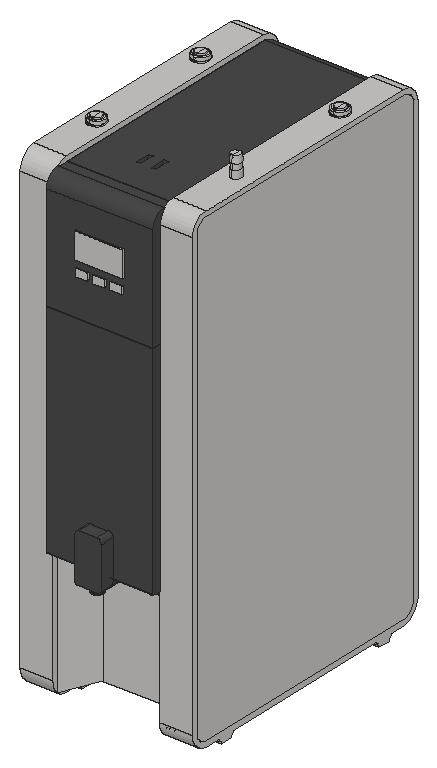
Revit family "QF_Marco_Mix_UC8", category Specialty Equipment, Revit 2019
Family settings
  Round Connector Dimension = Use Diameter
  Part Type = Normal
  Work Plane-Based = No
  Always vertical = Yes
  Cut with Voids When Loaded = No
  Shared = No
  Room Calculation Point = No
Parameters
  Weight in Pounds = 14
  Watts = 2800 W
  Waste Water Discharge Temperature = 0 °F
  Volts = 230 V
  URL Cutsheet = ""
  Specification by User = ""
  Specification by Manufacturer = ""
  Serial Number = ""
  Seismic Rating = ""
  SMACNA No = ""
  Revision Code = ""
  Plumbing Remarks = ""
  Plumbing Connection Type = ""
  Phase = 1
  Number of Poles = 1
  NAFEM Spec ID Number = ""
  Model = "MIX UC8"
  Min Ckt Ampacity = 0 A
  Max Overcurrent Protection = 0 A
  Masterspec = ""
  Manufacturer = "Marco"
  Length = 8.268"
  Item Number = ""
  Installed By = ""
  Indirect Waste Size = 3/4"
  Indirect Waste Flow = 0 GPM
  Indirect Waste Connection Type = ""
  Indirect Waste Connection Height = 0.000"
  Identify Quantity as Lot = yes
  Height = 24.281"
  HP = ""
  Furnished By = ""
  Foodservice Equipment Identifier = yes
  FL Amps = if(Phase = 3, Watts / (Volts * 1.73), Watts / Volts)  # 12.1739 A
  Electrical Remarks = ""
  Electric Connection Type = ""
  Elec Conn RI Height = 0.000"
  Elec Conn Connection Height = 0.000"
  Description = "Mix Countertop Multi-Temp Water Boilers/Push Button"
  Depth = 13.862"
  Cycle = 60 Hz
  Conn Plug = "NEMA L6-20P"
  Conn Conduit = yes
  Cold Water Temperature Recommended = 0 °F
  Cold Water Size = 3/4"
  Cold Water RI Height = 0.000"
  Cold Water Minimum Pressure = 0.00 psi
  Cold Water Maximum Pressure = 0.00 psi
  Cold Water Flow = 0 GPM
  Cold Water Consumption = ""
  Cold Water Connection Height = 0.000"
  CSI MasterFormat = ""
  Apparent Power = 0 VA
Reference planes (in)
  plane 1 "BACK": y = 0
  plane 2: z = 0
  plane 3 "LEFT": x = 0
  plane 4 "RIGHT": x = 8.268
  plane 5 "FRONT": y = -13.862
  plane 6 "TOP": z = 24.281
  plane 7 "Center Y": x = 4.134
  plane 8 "Center X": y = -6.931
  plane 9: y = 0.58091
  plane 10: y = -14.56109
  plane 11: z = 6.09241
Forms (in)
  Extrusion 1, solid, material "QF_Metal - Stainless - Polished"
    sketch origin (8.268, 0, 0) x (0, 1, 0) y (0, 0, -1)
      loop
        line (-12.63966, -23.30679) -> (-0.82864, -23.3059)
        arc (-0.82864, -23.3059) -> (-0.2427, -23.0632) -> (0, -22.47726) r 0.82864
        line (0, -22.47726) -> (0, -1.10167)
        arc (0, -1.10167) -> (-0.24225, -0.51492) -> (-0.82864, -0.27177) r 0.82864
        line (-0.82864, -0.27177) -> (-1.61604, -0.27177) -> (-1.61604, -0.23427)
        arc (-1.61604, -0.23427) -> (-1.65063, -0.15075) -> (-1.73415, -0.11615) r 0.11811
        line (-1.73415, -0.11615) -> (-1.73415, 0) -> (-2.28533, 0) -> (-2.28533, -0.11615)
        arc (-2.28533, -0.11615) -> (-2.36885, -0.15075) -> (-2.40344, -0.23427) r 0.11811
        line (-2.40344, -0.23427) -> (-2.40344, -0.27177) -> (-11.06486, -0.27177) -> (-11.06486, -0.23427)
        arc (-11.06486, -0.23427) -> (-11.09945, -0.15075) -> (-11.18297, -0.11615) r 0.11811
        line (-11.18297, -0.11615) -> (-11.18297, 0) -> (-11.73415, 0) -> (-11.73415, -0.11615)
        arc (-11.73415, -0.11615) -> (-11.81766, -0.15075) -> (-11.85226, -0.23427) r 0.11811
        line (-11.85226, -0.23427) -> (-11.85226, -0.27177) -> (-12.63966, -0.27177)
        arc (-12.63966, -0.27177) -> (-13.22568, -0.51456) -> (-13.4683, -1.10065) r 0.82864
        line (-13.4683, -1.10065) -> (-13.4683, -22.47815)
        arc (-13.4683, -22.47815) -> (-13.2256, -23.06409) -> (-12.63966, -23.30679) r 0.82864
      loop
        arc (-0.8247, -23.08418) -> (-0.3989, -22.90781) -> (-0.22253, -22.48202) r 0.60216
        line (-0.22253, -22.48202) -> (-0.22253, -1.11659)
        arc (-0.22253, -1.11659) -> (-0.39899, -0.6906) -> (-0.82498, -0.51415) r 0.60245
        line (-0.82498, -0.51415) -> (-12.64318, -0.51415)
        arc (-12.64318, -0.51415) -> (-13.06913, -0.69058) -> (-13.24556, -1.11652) r 0.60237
        line (-13.24556, -1.11652) -> (-13.24556, -22.48186)
        arc (-13.24556, -22.48186) -> (-13.06873, -22.90818) -> (-12.64206, -23.08418) r 0.60232
        line (-12.64206, -23.08418) -> (-0.8247, -23.08418)
    from 0 to 1.58071
  Extrusion 2, solid, material "QF_Plastic - Black - Smooth"
    sketch origin (8.268, 0, 0) x (0, 1, 0) y (0, 0, -1)
      loop
        arc (-0.8247, -23.08418) -> (-0.3989, -22.90781) -> (-0.22253, -22.48202) r 0.60216
        line (-0.22253, -22.48202) -> (-0.22253, -1.11659)
        arc (-0.22253, -1.11659) -> (-0.39899, -0.6906) -> (-0.82498, -0.51415) r 0.60245
        line (-0.82498, -0.51415) -> (-11.49556, -0.51415) -> (-11.49556, -6.41614) -> (-13.24556, -6.41614) -> (-13.24556, -22.48186)
        arc (-13.24556, -22.48186) -> (-13.06873, -22.90818) -> (-12.64206, -23.08418) r 0.60232
        line (-12.64206, -23.08418) -> (-0.8247, -23.08418)
    from 1.58071 to 6.68729
  Extrusion 3, solid, material "QF_Plastic - Black - Smooth"
    sketch origin (8.268, 0, 0) x (0, 1, 0) y (0, 0, -1)
      loop
        arc (-12.64206, -23.08418) -> (-13.06873, -22.90818) -> (-13.24556, -22.48186) r 0.60232
        line (-13.24556, -22.48186) -> (-13.24556, -17.38387) -> (-13.862, -17.38387) -> (-13.862, -22.43899)
        arc (-13.862, -22.43899) -> (-13.66597, -22.91225) -> (-13.19271, -23.10828) r 0.66929
        line (-13.19271, -23.10828) -> (-12.64206, -23.08418)
      loop
        line (-13.24556, -6.73242) -> (-13.82598, -6.75269)
        arc (-13.82598, -6.75269) -> (-13.85152, -6.76407) -> (-13.862, -6.78999) r 0.03732
        line (-13.862, -6.78999) -> (-13.862, -17.34049) -> (-13.24556, -17.34049) -> (-13.24556, -6.73242)
    from 6.68729 to 1.58071
  Extrusion 4, solid, material "QF_Plastic - Black - Smooth"
    sketch origin (0, -14.49295, 8.76182) x (0, 0, -1) y (1, 0, 0)
      loop
        line (0.19678, 3.50394) -> (2.2171, 3.50394)
        arc (2.2171, 3.50394) -> (2.30802, 3.5416) -> (2.34568, 3.63252) r 0.12858
        line (2.34568, 3.63252) -> (2.34568, 4.63478)
        arc (2.34568, 4.63478) -> (2.3079, 4.726) -> (2.21668, 4.76378) r 0.129
        line (2.21668, 4.76378) -> (0.19678, 4.76378)
        spline (0.19678, 4.76378) -> (0.17115, 4.7621) -> (0.14596, 4.75711) -> (0.12163, 4.74887) -> (0.09859, 4.73754) -> (0.07721, 4.7233) -> (0.05788, 4.7064) -> (0.04091, 4.68713) -> (0.0266, 4.66581) -> (0.01518, 4.64281) -> (0.00686, 4.61851) -> (0.00177, 4.59333) -> (0, 4.56771)
        line (0, 4.56771) -> (0, 3.70001)
        spline (0, 3.70001) -> (0.00177, 3.67438) -> (0.00686, 3.64921) -> (0.01518, 3.62491) -> (0.0266, 3.60191) -> (0.04091, 3.58059) -> (0.05788, 3.56131) -> (0.07721, 3.54441) -> (0.09859, 3.53018) -> (0.12163, 3.51885) -> (0.14596, 3.51061) -> (0.17115, 3.50561) -> (0.19678, 3.50394)
    from 0.06814 to -0.63095
  Extrusion 5, solid, material "QF_Plastic - Black - Smooth"
    sketch origin (0, -14.49295, 8.76182) x (0, 0, -1) y (1, 0, 0)
      loop
        line (2.00787, 3.50394) -> (2.2171, 3.50394)
        arc (2.2171, 3.50394) -> (2.30802, 3.5416) -> (2.34568, 3.63252) r 0.12858
        line (2.34568, 3.63252) -> (2.34568, 4.63478)
        arc (2.34568, 4.63478) -> (2.3079, 4.726) -> (2.21668, 4.76378) r 0.129
        line (2.21668, 4.76378) -> (2.00787, 4.76378) -> (2.00787, 3.50394)
    from -1.2474 to -0.63095
  Extrusion 6, solid, material "QF_Metal - Stainless - Polished"
    sketch origin (8.268, 0, 0) x (0, 1, 0) y (0, 0, -1)
      loop
        arc (-0.8247, -23.08418) -> (-0.3989, -22.90781) -> (-0.22253, -22.48202) r 0.60216
        line (-0.22253, -22.48202) -> (-0.22253, -1.11659)
        arc (-0.22253, -1.11659) -> (-0.39899, -0.6906) -> (-0.82498, -0.51415) r 0.60245
        line (-0.82498, -0.51415) -> (-12.64318, -0.51415)
        arc (-12.64318, -0.51415) -> (-13.06913, -0.69058) -> (-13.24556, -1.11652) r 0.60237
        line (-13.24556, -1.11652) -> (-13.24556, -22.48186)
        arc (-13.24556, -22.48186) -> (-13.06873, -22.90818) -> (-12.64206, -23.08418) r 0.60232
        line (-12.64206, -23.08418) -> (-0.8247, -23.08418)
    from 1.58071 to 0
  Extrusion 7, solid, material "QF_Metal - Stainless - Polished"
    sketch origin (0, 0, 0) x (0, 1, 0) y (0, 0, 1)
      loop
        line (-0.8247, 23.08418) -> (-12.64206, 23.08418)
        arc (-12.64206, 23.08418) -> (-13.06873, 22.90818) -> (-13.24556, 22.48186) r 0.60232
        line (-13.24556, 22.48186) -> (-13.24556, 1.11652)
        arc (-13.24556, 1.11652) -> (-13.06913, 0.69058) -> (-12.64318, 0.51415) r 0.60237
        line (-12.64318, 0.51415) -> (-0.82498, 0.51415)
        arc (-0.82498, 0.51415) -> (-0.39899, 0.6906) -> (-0.22253, 1.11659) r 0.60245
        line (-0.22253, 1.11659) -> (-0.22253, 22.48202)
        arc (-0.22253, 22.48202) -> (-0.3989, 22.90781) -> (-0.8247, 23.08418) r 0.60216
    from 1.58071 to 0
  Revolve 8, solid, material "QF_Metal - Stainless - Polished"
    sketch origin (3.62771, -180, 3.43729) x (0, 0, 1) y (0, -1, 0)
      loop
        line (-1.37822, -180.13895) -> (-1.37822, -180.35399) -> (-1.33664, -180.39557) -> (-0.08295, -180.46226) -> (-0.08295, -180.52464) -> (0, -180.52464) -> (0, -180.13895) -> (-1.37822, -180.13895)
      axis (0, -180.13895) -> (-1.37822, -180.13895)
    angle from 0 to 360
  Extrusion 9, solid, material "QF_Metal - Stainless - Polished"
    sketch origin (0, 0, 0) x (0, 1, 0) y (0, 0, 1)
      loop
        line (-0.22253, 5.57875) -> (-0.22253, 4.57482) -> (0.17727, 4.57482)
        arc (0.17727, 4.57482) -> (0.26079, 4.60941) -> (0.29538, 4.69293) r 0.11811
        line (0.29538, 4.69293) -> (0.29538, 4.83101)
        arc (0.29538, 4.83101) -> (0.28635, 4.87631) -> (0.26064, 4.91467) r 0.11811
        line (0.26064, 4.91467) -> (0.15425, 5.02106)
        arc (0.15425, 5.02106) -> (0.13114, 5.07682) -> (0.1543, 5.13255) r 0.07874
        line (0.1543, 5.13255) -> (0.26059, 5.23885)
        arc (0.26059, 5.23885) -> (0.28634, 5.27723) -> (0.29538, 5.32256) r 0.11811
        line (0.29538, 5.32256) -> (0.29538, 5.46064)
        arc (0.29538, 5.46064) -> (0.26079, 5.54416) -> (0.17727, 5.57875) r 0.11811
        line (0.17727, 5.57875) -> (-0.22253, 5.57875)
    from 6.04324 to 6.17564
  Extrusion 10, solid, material "QF_Metal - Stainless - Polished"
    sketch origin (0, 0, 0) x (0, 1, 0) y (0, 0, 1)
      loop
        arc (-12.63966, 23.30679) -> (-13.2256, 23.06409) -> (-13.4683, 22.47815) r 0.82864
        line (-13.4683, 22.47815) -> (-13.4683, 1.10065)
        arc (-13.4683, 1.10065) -> (-13.22568, 0.51456) -> (-12.63966, 0.27177) r 0.82864
        line (-12.63966, 0.27177) -> (-11.85226, 0.27177) -> (-11.85226, 0.23427)
        arc (-11.85226, 0.23427) -> (-11.81766, 0.15075) -> (-11.73415, 0.11615) r 0.11811
        line (-11.73415, 0.11615) -> (-11.73415, 0) -> (-11.18297, 0) -> (-11.18297, 0.11615)
        arc (-11.18297, 0.11615) -> (-11.09945, 0.15075) -> (-11.06486, 0.23427) r 0.11811
        line (-11.06486, 0.23427) -> (-11.06486, 0.27177) -> (-2.40344, 0.27177) -> (-2.40344, 0.23427)
        arc (-2.40344, 0.23427) -> (-2.36885, 0.15075) -> (-2.28533, 0.11615) r 0.11811
        line (-2.28533, 0.11615) -> (-2.28533, 0) -> (-1.73415, 0) -> (-1.73415, 0.11615)
        arc (-1.73415, 0.11615) -> (-1.65063, 0.15075) -> (-1.61604, 0.23427) r 0.11811
        line (-1.61604, 0.23427) -> (-1.61604, 0.27177) -> (-0.82864, 0.27177)
        arc (-0.82864, 0.27177) -> (-0.24225, 0.51492) -> (0, 1.10167) r 0.82864
        line (0, 1.10167) -> (0, 22.47726)
        arc (0, 22.47726) -> (-0.2427, 23.0632) -> (-0.82864, 23.3059) r 0.82864
        line (-0.82864, 23.3059) -> (-12.63966, 23.30679)
      loop
        line (-0.8247, 23.08418) -> (-12.64206, 23.08418)
        arc (-12.64206, 23.08418) -> (-13.06873, 22.90818) -> (-13.24556, 22.48186) r 0.60232
        line (-13.24556, 22.48186) -> (-13.24556, 1.11652)
        arc (-13.24556, 1.11652) -> (-13.06913, 0.69058) -> (-12.64318, 0.51415) r 0.60237
        line (-12.64318, 0.51415) -> (-0.82498, 0.51415)
        arc (-0.82498, 0.51415) -> (-0.39899, 0.6906) -> (-0.22253, 1.11659) r 0.60245
        line (-0.22253, 1.11659) -> (-0.22253, 22.48202)
        arc (-0.22253, 22.48202) -> (-0.3989, 22.90781) -> (-0.8247, 23.08418) r 0.60216
    from 0 to 1.58071
  Revolve 11, solid, material "QF_Plastic - Black - Smooth"
    sketch origin (4.134, 0, 0) x (0, 1, 0) y (0, 0, 1)
      loop
        line (-14.00974, 6.09254) -> (-14.00974, 6.60027) -> (-14.40124, 6.60027) -> (-14.30501, 6.24115) -> (-14.30501, 6.12235)
        arc (-14.30501, 6.12235) -> (-14.29628, 6.10127) -> (-14.2752, 6.09254) r 0.02981
        line (-14.2752, 6.09254) -> (-14.00974, 6.09254)
      axis (-14.00974, 6.09254) -> (-14.00974, 6.60027)
    angle from 0 to 360
  Extrusion 12, void
    sketch origin (0.90625, 0, 0) x (0, 1, 0) y (0, 0, 1)
      loop
        arc (-11.07679, 23.08418) -> (-10.70179, 22.90403) -> (-10.32679, 23.08418) r 0.48037
        line (-10.32679, 23.08418) -> (-11.07679, 23.08418)
    from 2.76607 to 2.97503
  Extrusion 13, void
    sketch origin (7.36175, 0, 0) x (0, 1, 0) y (0, 0, -1)
      loop
        line (-11.07679, -23.08418) -> (-10.32679, -23.08418)
        arc (-10.32679, -23.08418) -> (-10.70179, -22.90403) -> (-11.07679, -23.08418) r 0.48037
    from 2.76607 to 2.97503
  Extrusion 14, solid, material "QF_Metal - Stainless - Polished Brushed"
    sketch origin (8.268, -13.862, -6.02073) x (0, 0, 1) y (-1, 0, 0)
      loop
        line (27.16838, 5.2995) -> (25.90494, 5.2995) -> (25.90494, 2.97307) -> (27.16838, 2.97307) -> (27.16838, 5.2995)
      loop
        line (25.56829, 4.70076) -> (25.56829, 5.23691)
        spline (25.56829, 5.23691) -> (25.56811, 5.23947) -> (25.56759, 5.24199) -> (25.56676, 5.24442) -> (25.56561, 5.24671) -> (25.56418, 5.24884) -> (25.56248, 5.25077) -> (25.56055, 5.25246) -> (25.55841, 5.25388) -> (25.5561, 5.25501) -> (25.55367, 5.25583) -> (25.55115, 5.25633) -> (25.54859, 5.2565)
        line (25.54859, 5.2565) -> (25.2291, 5.2565)
        spline (25.2291, 5.2565) -> (25.22653, 5.25633) -> (25.224, 5.25583) -> (25.22156, 5.255) -> (25.21925, 5.25387) -> (25.21711, 5.25244) -> (25.21517, 5.25074) -> (25.21347, 5.2488) -> (25.21204, 5.24666) -> (25.2109, 5.24435) -> (25.21008, 5.24191) -> (25.20957, 5.23939) -> (25.20941, 5.23682)
        line (25.20941, 5.23682) -> (25.20941, 4.70076)
        spline (25.20941, 4.70076) -> (25.20958, 4.69819) -> (25.21008, 4.69567) -> (25.21091, 4.69323) -> (25.21204, 4.69092) -> (25.21347, 4.68878) -> (25.21517, 4.68684) -> (25.21711, 4.68515) -> (25.21925, 4.68372) -> (25.22156, 4.68258) -> (25.224, 4.68175) -> (25.22652, 4.68125) -> (25.22909, 4.68108)
        line (25.22909, 4.68108) -> (25.54861, 4.68108)
        spline (25.54861, 4.68108) -> (25.55118, 4.68125) -> (25.5537, 4.68175) -> (25.55614, 4.68258) -> (25.55845, 4.68372) -> (25.56059, 4.68515) -> (25.56252, 4.68684) -> (25.56422, 4.68878) -> (25.56565, 4.69092) -> (25.56679, 4.69323) -> (25.56762, 4.69567) -> (25.56812, 4.69819) -> (25.56829, 4.70076)
      loop
        line (25.56829, 3.86612) -> (25.56829, 4.40227)
        spline (25.56829, 4.40227) -> (25.56811, 4.40483) -> (25.5676, 4.40734) -> (25.56676, 4.40977) -> (25.56562, 4.41207) -> (25.56419, 4.4142) -> (25.56249, 4.41612) -> (25.56056, 4.41781) -> (25.55842, 4.41923) -> (25.55612, 4.42036) -> (25.55369, 4.42118) -> (25.55117, 4.42168) -> (25.54861, 4.42185)
        line (25.54861, 4.42185) -> (25.22909, 4.42185)
        spline (25.22909, 4.42185) -> (25.22652, 4.42168) -> (25.224, 4.42118) -> (25.22156, 4.42035) -> (25.21925, 4.41921) -> (25.21711, 4.41778) -> (25.21517, 4.41609) -> (25.21348, 4.41415) -> (25.21205, 4.41201) -> (25.21091, 4.4097) -> (25.21008, 4.40726) -> (25.20958, 4.40474) -> (25.20941, 4.40217)
        line (25.20941, 4.40217) -> (25.20941, 3.86612)
        spline (25.20941, 3.86612) -> (25.20958, 3.86355) -> (25.21008, 3.86102) -> (25.21091, 3.85858) -> (25.21205, 3.85627) -> (25.21348, 3.85413) -> (25.21517, 3.8522) -> (25.21711, 3.8505) -> (25.21925, 3.84907) -> (25.22156, 3.84793) -> (25.224, 3.8471) -> (25.22652, 3.8466) -> (25.22909, 3.84643)
        line (25.22909, 3.84643) -> (25.54861, 3.84643)
        spline (25.54861, 3.84643) -> (25.55118, 3.8466) -> (25.5537, 3.8471) -> (25.55614, 3.84793) -> (25.55845, 3.84907) -> (25.56059, 3.8505) -> (25.56253, 3.8522) -> (25.56422, 3.85413) -> (25.56565, 3.85627) -> (25.56679, 3.85858) -> (25.56762, 3.86102) -> (25.56812, 3.86355) -> (25.56829, 3.86612)
      loop
        line (25.56829, 3.03147) -> (25.56829, 3.56762)
        spline (25.56829, 3.56762) -> (25.56811, 3.57018) -> (25.5676, 3.5727) -> (25.56676, 3.57513) -> (25.56562, 3.57742) -> (25.56418, 3.57955) -> (25.56249, 3.58148) -> (25.56055, 3.58316) -> (25.55842, 3.58458) -> (25.55612, 3.58572) -> (25.55368, 3.58654) -> (25.55117, 3.58704) -> (25.54861, 3.5872)
        line (25.54861, 3.5872) -> (25.22909, 3.5872)
        spline (25.22909, 3.5872) -> (25.22652, 3.58704) -> (25.224, 3.58653) -> (25.22156, 3.58571) -> (25.21925, 3.58457) -> (25.21711, 3.58314) -> (25.21517, 3.58144) -> (25.21347, 3.5795) -> (25.21204, 3.57736) -> (25.21091, 3.57505) -> (25.21008, 3.57262) -> (25.20958, 3.57009) -> (25.20941, 3.56752)
        line (25.20941, 3.56752) -> (25.20941, 3.03147)
        spline (25.20941, 3.03147) -> (25.20957, 3.0289) -> (25.21008, 3.02638) -> (25.2109, 3.02394) -> (25.21204, 3.02163) -> (25.21347, 3.01949) -> (25.21516, 3.01755) -> (25.2171, 3.01586) -> (25.21924, 3.01443) -> (25.22155, 3.01329) -> (25.22398, 3.01246) -> (25.22651, 3.01196) -> (25.22908, 3.01179)
        line (25.22908, 3.01179) -> (25.54862, 3.01179)
        spline (25.54862, 3.01179) -> (25.55118, 3.01196) -> (25.55371, 3.01246) -> (25.55614, 3.01329) -> (25.55845, 3.01443) -> (25.56059, 3.01586) -> (25.56253, 3.01756) -> (25.56422, 3.0195) -> (25.56565, 3.02164) -> (25.56679, 3.02394) -> (25.56762, 3.02638) -> (25.56812, 3.02891) -> (25.56829, 3.03147)
    from 0 to 0.063
  Extrusion 15, solid, material "QF_Metal - Stainless - Polished"
    sketch origin (0, 0, 0) x (1, 0, 0) y (0, 1, 0)
      loop
        line (1.58493, -13.24087) -> (2.37067, -11.49556) -> (1.58493, -11.49556) -> (1.58493, -13.24087)
      loop
        line (6.68307, -13.24087) -> (6.68307, -11.49556) -> (5.89733, -11.49556) -> (6.68307, -13.24087)
    from 6.41614 to 0.51415
  Extrusion 16, solid, material "QF_Metal - Stainless - Polished"
    sketch origin (8.268, 0.61085, 1.11659) x (0, 0, 1) y (1, 0, 0)
      loop
        line (4.27909, -6.20115) -> (4.27909, -4.08486)
        arc (4.27909, -4.08486) -> (4.20587, -3.90809) -> (4.02909, -3.83486) r 0.25
        line (4.02909, -3.83486) -> (2.55693, -3.83486)
        arc (2.55693, -3.83486) -> (2.38015, -3.90809) -> (2.30693, -4.08486) r 0.25
        line (2.30693, -4.08486) -> (2.30693, -6.20115)
        arc (2.30693, -6.20115) -> (2.38015, -6.37793) -> (2.55693, -6.45115) r 0.25
        line (2.55693, -6.45115) -> (4.02909, -6.45115)
        arc (4.02909, -6.45115) -> (4.20587, -6.37793) -> (4.27909, -6.20115) r 0.25
      loop
        line (3.94053, -6.1715) -> (3.94053, -5.34489)
        arc (3.94053, -5.34489) -> (3.91751, -5.28914) -> (3.86179, -5.26603) r 0.07873
        line (3.86179, -5.26603) -> (2.75935, -5.26603)
        arc (2.75935, -5.26603) -> (2.70371, -5.28912) -> (2.68067, -5.34477) r 0.07874
        line (2.68067, -5.34477) -> (2.68067, -6.17154)
        arc (2.68067, -6.17154) -> (2.70373, -6.22721) -> (2.7594, -6.25026) r 0.07873
        line (2.7594, -6.25026) -> (3.86177, -6.25026)
        arc (3.86177, -6.25026) -> (3.91746, -6.22719) -> (3.94053, -6.1715) r 0.07877
    from -0.83338 to -0.02994
  Extrusion 17, solid, material "QF_Metal - Stainless - Polished"
    sketch origin (8.268, 0.61085, 1.11659) x (0, 0, 1) y (1, 0, 0)
      loop
        line (3.94053, -6.1715) -> (3.94053, -5.34489)
        arc (3.94053, -5.34489) -> (3.91751, -5.28914) -> (3.86179, -5.26603) r 0.07873
        line (3.86179, -5.26603) -> (2.75935, -5.26603)
        arc (2.75935, -5.26603) -> (2.70371, -5.28912) -> (2.68067, -5.34477) r 0.07874
        line (2.68067, -5.34477) -> (2.68067, -6.17154)
        arc (2.68067, -6.17154) -> (2.70373, -6.22721) -> (2.7594, -6.25026) r 0.07873
        line (2.7594, -6.25026) -> (3.86177, -6.25026)
        arc (3.86177, -6.25026) -> (3.91746, -6.22719) -> (3.94053, -6.1715) r 0.07877
    from -0.83338 to -0.02994
  Extrusion 18, solid, material "QF_Metal - Stainless - Polished"
    sketch origin (0, -0.22253, 5.57875) x (0, 0, -1) y (1, 0, 0)
      loop
        circle (0.50197, 6.10236) r 0.54973
    from 0 to -0.125
  Revolve 19, solid, material "QF_Metal - Stainless - Polished"
    sketch origin (7.47765, -173.76056, 23.08418) x (0, 0, -1) y (0, 1, 0)
      loop
        line (-0.49303, 170.11625) -> (-0.49303, 169.86502) -> (-0.45255, 169.86502) -> (-0.45255, 169.76191) -> (-0.41601, 169.72537) -> (-0.28399, 169.72537) -> (-0.25643, 169.70286) -> (-0.22282, 169.70286) -> (-0.22282, 170.11625) -> (-0.49303, 170.11625)
      axis (-0.22282, 170.11625) -> (-0.49303, 170.11625)
    angle from 0 to 360
  Revolve 20, solid, material "QF_Metal - Stainless - Polished"
    sketch origin (0.79035, -173.76056, 23.08418) x (0, 0, -1) y (0, -1, 0)
      loop
        line (-0.49303, -170.11625) -> (-0.22282, -170.11625) -> (-0.22282, -169.70286) -> (-0.25643, -169.70286) -> (-0.28399, -169.72537) -> (-0.41601, -169.72537) -> (-0.45255, -169.76191) -> (-0.45255, -169.86502) -> (-0.49303, -169.86502) -> (-0.49303, -170.11625)
      axis (-0.22282, -170.11625) -> (-0.49303, -170.11625)
    angle from 0 to 360
  Revolve 21, solid, material "QF_Metal - Stainless - Polished"
    sketch origin (7.47765, -180, 23.08418) x (0, 0, -1) y (0, 1, 0)
      loop
        line (-1.19682, 169.89971) -> (-0.88186, 169.87215) -> (-0.88186, 169.90752) -> (-0.5669, 169.90752) -> (-0.5669, 169.86625) -> (-0.22282, 169.86625) -> (-0.22282, 170.11625) -> (-1.19682, 170.11625) -> (-1.19682, 169.89971)
      axis (-0.22282, 170.11625) -> (-1.19682, 170.11625)
    angle from 0 to 360
  Revolve 22, solid, material "QF_Metal - Stainless - Polished"
    sketch origin (0.79035, -180, 23.08418) x (0, 0, -1) y (0, -1, 0)
      loop
        line (-0.49303, -170.11625) -> (-0.22282, -170.11625) -> (-0.22282, -169.70286) -> (-0.25643, -169.70286) -> (-0.28399, -169.72537) -> (-0.41601, -169.72537) -> (-0.45255, -169.76191) -> (-0.45255, -169.86502) -> (-0.49303, -169.86502) -> (-0.49303, -170.11625)
      axis (-0.22282, -170.11625) -> (-0.49303, -170.11625)
    angle from 0 to 360
Cuts and joins
  Extrusion 12, Extrusion 13 cuts Extrusion 2
Lines and regions (in)
  symbolic lines
    curve 1: line (0, 0, 0) -> (1.58071, 0, 0)
    curve 2: line (0, -13.4683, 0) -> (0, 0, 0)
    curve 3: line (1.58071, -13.4683, 0) -> (0, -13.4683, 0)
    curve 4: line (1.58071, 0, 0) -> (1.58071, -13.4683, 0)
    curve 5: line (6.68729, -13.4683, 0) -> (8.268, -13.4683, 0)
    curve 6: line (6.68729, 0, 0) -> (6.68729, -13.4683, 0)
    curve 7: line (8.268, 0, 0) -> (6.68729, 0, 0)
    curve 8: line (8.268, -13.4683, 0) -> (8.268, 0, 0)
    curve 9: line (3.50394, -14.56109, 0) -> (4.76378, -14.56109, 0)
    curve 10: line (1.58071, -13.4683, 0) -> (1.58071, -13.862, 0)
    curve 11: line (6.68729, -13.4683, 0) -> (6.68729, -13.862, 0)
    curve 12: line (1.58071, -13.862, 0) -> (6.68729, -13.862, 0)
    curve 13: line (1.58071, -12.64318, 0) -> (6.68729, -12.64318, 0)
    curve 14: line (3.67232, -10.32679, 0) -> (3.88128, -10.32679, 0)
    curve 15: line (3.67232, -11.07679, 0) -> (3.67232, -10.32679, 0)
    curve 16: line (3.88128, -11.07679, 0) -> (3.67232, -11.07679, 0)
    curve 17: line (3.88128, -10.32679, 0) -> (3.88128, -11.07679, 0)
    curve 18: line (4.38672, -10.32679, 0) -> (4.59568, -10.32679, 0)
    curve 19: line (4.38672, -11.07679, 0) -> (4.38672, -10.32679, 0)
    curve 20: line (4.59568, -11.07679, 0) -> (4.38672, -11.07679, 0)
    curve 21: line (4.59568, -10.32679, 0) -> (4.59568, -11.07679, 0)
    curve 22: line (1.81685, 0.58091, 0) -> (1.81685, -0.22253, 0)
    curve 23: line (1.81685, 0.58091, 0) -> (4.43314, 0.58091, 0)
    curve 24: line (4.43314, 0.58091, 0) -> (4.43314, -0.22253, 0)
    curve 25: line (5.55263, -0.09753, 0) -> (6.6521, -0.09753, 0)
    curve 26: line (6.6521, -0.09753, 0) -> (6.6521, -0.22253, 0)
    curve 27: line (5.55263, -0.09753, 0) -> (5.55263, -0.22253, 0)
    curve 28: line (6.04324, 0.29538, 0) -> (6.04324, -0.09753, 0)
    curve 29: line (6.04324, 0.29538, 0) -> (6.17564, 0.29538, 0)
    curve 30: line (6.17564, 0.29538, 0) -> (6.17564, -0.09753, 0)
    curve 31: line (3.50394, -14.56109, 0) -> (3.50394, -13.862, 0)
    curve 32: line (3.50394, -14.49295, 0) -> (4.76378, -14.49295, 0)
    curve 33: line (4.76378, -14.49295, 0) -> (4.76378, -14.43609, 0)
    curve 34: line (1.58071, -13.19271, 0) -> (6.68729, -13.19271, 0)
    curve 35: line (1.58071, -0.22253, 0) -> (6.68729, -0.22253, 0)
    curve 36: line (4.76378, -14.56109, 0) -> (4.76378, -13.862, 0)
    curve 37: circle (0.79035, -3.64431, 0) r 0.39087 normal (0, 0, 1)
    curve 38: circle (0.79035, -9.88375, 0) r 0.39087 normal (0, 0, 1)
    curve 39: circle (7.47765, -3.64431, 0) r 0.39087 normal (0, 0, 1)
    curve 40: circle (7.47765, -9.88375, 0) r 0.25 normal (0, 0, 1)
Dimensions and locks (in)
  equal spacing: plane 3 "LEFT", plane 7 "Center Y", plane 4 "RIGHT"
  "Length": plane 3 "LEFT" to plane 4 "RIGHT"
  equal spacing: plane 5 "FRONT", plane 8 "Center X", plane 1 "BACK"
  "Depth": plane 5 "FRONT" to plane 1 "BACK"
  "Height": plane 6 "TOP" to level
  plane 10 to plane 9 = 15.142"
  plane 1 "BACK" to plane 10 = 14.56109"
  aligned and locked: plane 2 to level
Automatic sketch dimensions
  Extrusion 1 sketch curve to level = 0.000"  (x2)
  Extrusion 1 sketch curve to plane 5 "FRONT" = 0.3937"
  Extrusion 1 sketch curve to Extrusion 1 sketch curve = 0.22274"
  Extrusion 1 sketch curve to Extrusion 1 sketch curve = 0.60232"
  level to Extrusion 1 sketch curve = 0.51415"
  Extrusion 1 sketch curve to Extrusion 1 sketch curve = 0.60237"
  Extrusion 1 sketch curve to Extrusion 1 sketch curve = 0.00117"
  Extrusion 1 sketch curve to Extrusion 1 sketch curve = 0.00352"
  Extrusion 1 sketch curve to Extrusion 1 sketch curve = 0.00357"
  level to Extrusion 1 sketch curve = 0.27177"  (x2)
  Extrusion 1 sketch curve to Extrusion 1 sketch curve = 0.7874"  (x2)
  level to Extrusion 1 sketch curve = 0.11615"  (x3)
  Extrusion 1 sketch curve to Extrusion 1 sketch curve = 0.11811"  (x3)
  Extrusion 1 sketch curve to Extrusion 1 sketch curve = 0.55118"  (x2)
  level to Extrusion 1 sketch curve = 0.23427"
  plane 1 "BACK" to Extrusion 1 sketch curve = 2.40344"
  plane 1 "BACK" to Extrusion 1 sketch curve = 0.82864"
  Extrusion 1 sketch curve to Extrusion 1 sketch curve = 0.00366"
  Extrusion 1 sketch curve to Extrusion 1 sketch curve = 0.00394"
  plane 1 "BACK" to Extrusion 1 sketch curve = 0.22253"
  Extrusion 1 sketch curve to plane 1 "BACK" = 0.000"
  Extrusion 1 sketch curve to plane 6 "TOP" = 1.80374"
  Extrusion 1 sketch curve to plane 6 "TOP" = 1.80285"
  Extrusion 1 sketch curve to Extrusion 1 sketch curve = 0.00371"
  Extrusion 1 sketch curve to Extrusion 1 sketch curve = 0.01492"
  Extrusion 1 sketch curve to Extrusion 1 sketch curve = 0.01587"
  Extrusion 1 sketch curve to Extrusion 1 sketch curve = 0.0375"  (x2)
  Extrusion 1 sketch curve to Extrusion 1 sketch curve = 0.000"  (x2)
  Extrusion 1 sketch curve to Extrusion 1 sketch curve = 0.00021"
  Extrusion 2 sketch curve to plane 5 "FRONT" = 0.61644"
  Extrusion 2 sketch curve to Extrusion 2 sketch curve = 0.60232"
  Extrusion 2 sketch curve to Extrusion 2 sketch curve = 0.00117"
  level to Extrusion 2 sketch curve = 0.51415"
  Extrusion 2 sketch curve to plane 5 "FRONT" = 2.36644"
  plane 1 "BACK" to Extrusion 2 sketch curve = 0.82498"
  plane 1 "BACK" to Extrusion 2 sketch curve = 0.8247"
  plane 1 "BACK" to Extrusion 2 sketch curve = 0.22253"
  Extrusion 2 sketch curve to plane 11 = 0.32373"
  Extrusion 2 sketch curve to plane 6 "TOP" = 1.79914"
  Extrusion 3 sketch curve to plane 5 "FRONT" = 0.000"  (x2)
  Extrusion 3 sketch curve to plane 5 "FRONT" = 0.03602"
  Extrusion 3 sketch curve to Extrusion 3 sketch curve = 0.0013"
  Extrusion 3 sketch curve to Extrusion 3 sketch curve = 0.58042"
  Extrusion 3 sketch curve to Extrusion 3 sketch curve = 0.000"
  Extrusion 3 sketch curve to Extrusion 3 sketch curve = 0.05285"
  Extrusion 3 sketch curve to Extrusion 3 sketch curve = 0.54947"
  Extrusion 3 sketch curve to plane 6 "TOP" = 1.17272"
  Extrusion 3 sketch curve to Extrusion 3 sketch curve = 0.04287"
  Extrusion 3 sketch curve to Extrusion 3 sketch curve = 5.05512"
  Extrusion 3 sketch curve to Extrusion 3 sketch curve = 0.04338"
  Extrusion 3 sketch curve to plane 11 = 0.69759"
  Extrusion 3 sketch curve to Extrusion 3 sketch curve = 0.02027"
  Extrusion 3 sketch curve to Extrusion 3 sketch curve = 0.55065"
  Extrusion 3 sketch curve to plane 6 "TOP" = 1.19682"
  plane 7 "Center Y" to Extrusion 4 sketch curve = 0.43371"
  Extrusion 4 sketch curve to plane 11 = 2.66942"
  Extrusion 4 sketch curve to plane 11 = 0.45273"
  Extrusion 4 sketch curve to plane 11 = 0.45231"
  Extrusion 4 sketch curve to Extrusion 4 sketch curve = 0.129"
  Extrusion 4 sketch curve to plane 7 "Center Y" = 0.43399"
  Extrusion 4 sketch curve to plane 7 "Center Y" = 0.50148"
  plane 7 "Center Y" to Extrusion 4 sketch curve = 0.50078"
  Extrusion 4 sketch curve to Extrusion 4 sketch curve = 0.19678"  (x2)
  Extrusion 4 sketch curve to Extrusion 4 sketch curve = 0.000"  (x2)
  Extrusion 4 sketch curve to Extrusion 4 sketch curve = 0.00013"  (x2)
  Extrusion 4 sketch curve to Extrusion 4 sketch curve = 0.13929"  (x2)
  Extrusion 4 sketch curve to Extrusion 4 sketch curve = 0.19692"
  Extrusion 4 sketch curve to plane 7 "Center Y" = 0.29386"
  Extrusion 5 sketch curve to plane 11 = 0.66154"
  Extrusion 5 sketch curve to Extrusion 5 sketch curve = 0.20881"
  Extrusion 5 sketch curve to Extrusion 5 sketch curve = 0.20923"
  Extrusion 5 sketch curve to Extrusion 5 sketch curve = 0.129"
  Extrusion 5 sketch curve to plane 7 "Center Y" = 0.63006"
  plane 7 "Center Y" to Extrusion 5 sketch curve = 0.50078"
  Extrusion 6 sketch curve to plane 5 "FRONT" = 0.61644"
  Extrusion 6 sketch curve to Extrusion 6 sketch curve = 0.60232"
  level to Extrusion 6 sketch curve = 0.51415"
  Extrusion 6 sketch curve to Extrusion 6 sketch curve = 0.60237"
  Extrusion 6 sketch curve to Extrusion 6 sketch curve = 0.00117"
  plane 1 "BACK" to Extrusion 6 sketch curve = 0.82498"
  plane 1 "BACK" to Extrusion 6 sketch curve = 0.8247"
  plane 1 "BACK" to Extrusion 6 sketch curve = 0.22253"
  Extrusion 6 sketch curve to plane 6 "TOP" = 1.79914"
  Extrusion 7 sketch curve to plane 5 "FRONT" = 0.61644"
  Extrusion 7 sketch curve to Extrusion 7 sketch curve = 0.60232"
  level to Extrusion 7 sketch curve = 0.51415"
  Extrusion 7 sketch curve to Extrusion 7 sketch curve = 0.60237"
  Extrusion 7 sketch curve to Extrusion 7 sketch curve = 0.00117"
  plane 1 "BACK" to Extrusion 7 sketch curve = 0.82498"
  plane 1 "BACK" to Extrusion 7 sketch curve = 0.8247"
  plane 1 "BACK" to Extrusion 7 sketch curve = 0.22253"
  Extrusion 7 sketch curve to plane 6 "TOP" = 1.79914"
  Revolve 8 sketch curve to plane 1 "BACK" = 0.13895"
  level to Revolve 8 sketch curve = 2.05907"
  Revolve 8 sketch curve to plane 9 = 0.18534"
  Revolve 8 sketch curve to Revolve 8 sketch curve = 0.04158"  (x2)
  Revolve 8 sketch curve to plane 9 = 0.11866"
  Revolve 8 sketch curve to Revolve 8 sketch curve = 1.25369"
  Revolve 8 sketch curve to Revolve 8 sketch curve = 0.08295"
  Revolve 8 sketch curve to plane 9 = 0.05628"
  Revolve 8 sketch curve to Revolve 8 sketch curve = 0.000"  (x2)
  Revolve 8 sketch curve to Revolve 8 sketch curve = 0.14189"
  plane 1 "BACK" to Extrusion 9 sketch curve = 0.22253"
  Extrusion 9 sketch curve to plane 1 "BACK" = 0.15425"
  Extrusion 9 sketch curve to Extrusion 9 sketch curve = 0.00004"
  Extrusion 9 sketch curve to plane 1 "BACK" = 0.17727"  (x2)
  Extrusion 9 sketch curve to Extrusion 9 sketch curve = 0.000"  (x10)
  Extrusion 9 sketch curve to Extrusion 9 sketch curve = 0.05563"
  Extrusion 9 sketch curve to Extrusion 9 sketch curve = 0.08332"
  Extrusion 9 sketch curve to Extrusion 9 sketch curve = 0.08337"
  plane 11 to Extrusion 9 sketch curve = 1.51759"
  Extrusion 9 sketch curve to Extrusion 9 sketch curve = 0.11811"  (x4)
  Extrusion 9 sketch curve to Extrusion 9 sketch curve = 0.13809"
  Extrusion 9 sketch curve to Extrusion 9 sketch curve = 0.08366"
  Extrusion 9 sketch curve to Extrusion 9 sketch curve = 0.10639"
  Extrusion 9 sketch curve to Extrusion 9 sketch curve = 0.05572"
  Extrusion 9 sketch curve to Extrusion 9 sketch curve = 0.1063"
  Extrusion 9 sketch curve to Extrusion 9 sketch curve = 0.08371"
  Extrusion 9 sketch curve to Extrusion 9 sketch curve = 0.13808"
  Extrusion 10 sketch curve to level = 0.000"  (x2)
  Extrusion 10 sketch curve to plane 5 "FRONT" = 0.3937"
  Extrusion 10 sketch curve to Extrusion 10 sketch curve = 0.22274"
  Extrusion 10 sketch curve to Extrusion 10 sketch curve = 0.60232"
  level to Extrusion 10 sketch curve = 0.51415"
  Extrusion 10 sketch curve to Extrusion 10 sketch curve = 0.60237"
  Extrusion 10 sketch curve to Extrusion 10 sketch curve = 0.00117"
  Extrusion 10 sketch curve to Extrusion 10 sketch curve = 0.00352"
  Extrusion 10 sketch curve to Extrusion 10 sketch curve = 0.00357"
  level to Extrusion 10 sketch curve = 0.27177"  (x2)
  Extrusion 10 sketch curve to Extrusion 10 sketch curve = 0.7874"  (x2)
  level to Extrusion 10 sketch curve = 0.11615"  (x4)
  Extrusion 10 sketch curve to Extrusion 10 sketch curve = 0.11811"  (x3)
  Extrusion 10 sketch curve to Extrusion 10 sketch curve = 0.55118"  (x2)
  level to Extrusion 10 sketch curve = 0.23427"
  plane 1 "BACK" to Extrusion 10 sketch curve = 2.40344"
  plane 1 "BACK" to Extrusion 10 sketch curve = 0.82864"
  Extrusion 10 sketch curve to Extrusion 10 sketch curve = 0.00366"
  Extrusion 10 sketch curve to Extrusion 10 sketch curve = 0.00394"
  plane 1 "BACK" to Extrusion 10 sketch curve = 0.22253"
  Extrusion 10 sketch curve to plane 1 "BACK" = 0.000"
  Extrusion 10 sketch curve to Extrusion 10 sketch curve = 0.0375"
  Extrusion 10 sketch curve to Extrusion 10 sketch curve = 0.01611"
  Extrusion 10 sketch curve to Extrusion 10 sketch curve = 0.01619"
  Extrusion 10 sketch curve to plane 6 "TOP" = 1.80374"
  Extrusion 10 sketch curve to plane 6 "TOP" = 1.80285"
  Extrusion 10 sketch curve to Extrusion 10 sketch curve = 0.00371"
  Extrusion 10 sketch curve to Extrusion 10 sketch curve = 0.000"  (x2)
  Extrusion 10 sketch curve to Extrusion 10 sketch curve = 0.00021"
  plane 10 to Revolve 11 sketch curve = 0.15985"
  plane 10 to Revolve 11 sketch curve = 0.25607"
  Revolve 11 sketch curve to Revolve 11 sketch curve = 0.02981"
  Revolve 11 sketch curve to plane 11 = 0.00013"
  plane 5 "FRONT" to Revolve 11 sketch curve = 0.14774"
  Revolve 11 sketch curve to Revolve 11 sketch curve = 0.1188"
  Revolve 11 sketch curve to Revolve 11 sketch curve = 0.35912"
  Revolve 11 sketch curve to Revolve 11 sketch curve = 0.000"  (x2)
  Revolve 11 sketch curve to Revolve 11 sketch curve = 0.22187"
  Extrusion 12 sketch curve to plane 6 "TOP" = 1.19682"
  Extrusion 12 sketch curve to plane 5 "FRONT" = 2.78521"
  Extrusion 12 sketch curve to Extrusion 12 sketch curve = 0.375"
  Extrusion 12 sketch curve to Extrusion 12 sketch curve = 0.30022"
  Extrusion 13 sketch curve to plane 6 "TOP" = 1.19682"
  Extrusion 13 sketch curve to plane 5 "FRONT" = 2.78521"
  Extrusion 13 sketch curve to Extrusion 13 sketch curve = 0.375"
  Extrusion 13 sketch curve to Extrusion 13 sketch curve = 0.30022"
  Extrusion 14 sketch curve to Extrusion 3 = 1.80481"
  Extrusion 14 sketch curve to Extrusion 14 sketch curve = 0.000"  (x12)
  Extrusion 14 sketch curve to Extrusion 14 sketch curve = 0.01967"  (x2)
  Extrusion 14 sketch curve to Extrusion 14 sketch curve = 0.01968"  (x11)
  Extrusion 14 sketch curve to Extrusion 14 sketch curve = 0.0197"
  Extrusion 14 sketch curve to Extrusion 14 sketch curve = 0.31949"
  Extrusion 14 sketch curve to Extrusion 14 sketch curve = 0.31951"
  Extrusion 14 sketch curve to Extrusion 14 sketch curve = 0.31952"
  Extrusion 14 sketch curve to Extrusion 14 sketch curve = 0.31954"
  Extrusion 14 sketch curve to Extrusion 14 sketch curve = 0.33665"
  Extrusion 14 sketch curve to Extrusion 14 sketch curve = 1.26344"
  Extrusion 3 to Extrusion 14 sketch curve = 1.39236"
  Extrusion 14 sketch curve to Extrusion 14 sketch curve = 0.03872"
  Extrusion 14 sketch curve to Extrusion 14 sketch curve = 0.01969"  (x7)
  Extrusion 14 sketch curve to Extrusion 14 sketch curve = 0.53605"  (x3)
  Extrusion 14 sketch curve to Extrusion 14 sketch curve = 0.0001"  (x3)
  Extrusion 14 sketch curve to Extrusion 14 sketch curve = 0.01958"  (x2)
  Extrusion 14 sketch curve to Extrusion 14 sketch curve = 0.25923"  (x2)
  Extrusion 3 to Extrusion 14 sketch curve = 1.3878"
  Extrusion 14 sketch curve to Extrusion 14 sketch curve = 0.00576"  (x4)
  Extrusion 14 sketch curve to Extrusion 14 sketch curve = 0.01391"
  Extrusion 14 sketch curve to Extrusion 14 sketch curve = 0.00577"  (x3)
  Extrusion 14 sketch curve to Extrusion 14 sketch curve = 0.01392"  (x4)
  Extrusion 14 sketch curve to Extrusion 14 sketch curve = 0.00001"
  Extrusion 14 sketch curve to Extrusion 14 sketch curve = 0.00002"
  Extrusion 14 sketch curve to Extrusion 14 sketch curve = 0.0139"
  Extrusion 15 sketch curve to plane 5 "FRONT" = 0.62113"  (x2)
  plane 3 "LEFT" to Extrusion 15 sketch curve = 1.58493"
  Extrusion 15 sketch curve to Extrusion 15 sketch curve = 0.78574"  (x2)
  plane 7 "Center Y" to Extrusion 15 sketch curve = 1.76333"
  Extrusion 15 sketch curve to Extrusion 15 sketch curve = 1.74532"  (x2)
  plane 11 to Extrusion 16 sketch curve = 2.66889"
  Extrusion 16 sketch curve to Extrusion 16 sketch curve = 0.250"  (x2)
  Extrusion 16 sketch curve to Extrusion 16 sketch curve = 0.12374"
  Extrusion 16 sketch curve to Extrusion 16 sketch curve = 0.07868"
  Extrusion 16 sketch curve to Extrusion 16 sketch curve = 0.07873"  (x4)
  Extrusion 16 sketch curve to Extrusion 16 sketch curve = 0.00006"
  Extrusion 16 sketch curve to Extrusion 16 sketch curve = 1.10236"
  Extrusion 16 sketch curve to Extrusion 16 sketch curve = 0.000"
  Extrusion 16 sketch curve to Extrusion 16 sketch curve = 0.00003"
  Extrusion 16 sketch curve to Extrusion 16 sketch curve = 0.08856"
  plane 7 "Center Y" to Extrusion 16 sketch curve = 0.29914"
  plane 11 to Extrusion 16 sketch curve = 0.94672"
  plane 7 "Center Y" to Extrusion 16 sketch curve = 0.04914"
  Extrusion 16 sketch curve to plane 7 "Center Y" = 1.13203"
  Extrusion 16 sketch curve to Extrusion 16 sketch curve = 0.82661"
  Extrusion 16 sketch curve to Extrusion 16 sketch curve = 0.02961"
  plane 11 to Extrusion 17 sketch curve = 2.29514"
  Extrusion 17 sketch curve to Extrusion 17 sketch curve = 0.07868"
  Extrusion 17 sketch curve to Extrusion 17 sketch curve = 0.07873"  (x2)
  Extrusion 17 sketch curve to Extrusion 17 sketch curve = 0.07874"
  Extrusion 17 sketch curve to Extrusion 17 sketch curve = 1.10236"
  Extrusion 17 sketch curve to Extrusion 17 sketch curve = 0.000"
  Extrusion 17 sketch curve to Extrusion 17 sketch curve = 0.00003"
  Extrusion 17 sketch curve to Extrusion 17 sketch curve = 0.07877"
  plane 3 "LEFT" to Extrusion 17 sketch curve = 2.01774"
  Extrusion 17 sketch curve to Extrusion 17 sketch curve = 0.82661"
  Extrusion 17 sketch curve to Extrusion 17 sketch curve = 0.82676"
  Extrusion 9 to Extrusion 18 sketch curve = 0.05912"
  Extrusion 9 to Extrusion 18 sketch curve = 0.50197"
  Revolve 19 sketch curve to plane 6 "TOP" = 0.70379"
  Revolve 19 sketch curve to Revolve 19 sketch curve = 0.04047"
  Revolve 19 sketch curve to Revolve 19 sketch curve = 0.03654"  (x2)
  Revolve 19 sketch curve to Revolve 19 sketch curve = 0.13202"
  Revolve 19 sketch curve to Revolve 19 sketch curve = 0.02756"
  Revolve 19 sketch curve to Revolve 19 sketch curve = 0.03361"
  plane 8 "Center X" to Revolve 19 sketch curve = 2.8733"
  Revolve 19 sketch curve to Revolve 19 sketch curve = 0.02251"
  Revolve 19 sketch curve to Revolve 19 sketch curve = 0.1031"
  Revolve 19 sketch curve to Revolve 19 sketch curve = 0.25123"
  Revolve 19 sketch curve to Revolve 19 sketch curve = 0.07387"
  plane 6 "TOP" to Revolve 19 sketch curve = 0.07446"
  Revolve 19 sketch curve to Revolve 19 sketch curve = 0.000"
  Revolve 20 sketch curve to plane 6 "TOP" = 0.70379"
  Revolve 20 sketch curve to Revolve 20 sketch curve = 0.04047"
  Revolve 20 sketch curve to Revolve 20 sketch curve = 0.03654"  (x2)
  Revolve 20 sketch curve to Revolve 20 sketch curve = 0.13202"
  Revolve 20 sketch curve to Revolve 20 sketch curve = 0.02756"
  Revolve 20 sketch curve to Revolve 20 sketch curve = 0.03361"
  plane 8 "Center X" to Revolve 20 sketch curve = 3.28669"
  Revolve 20 sketch curve to Revolve 20 sketch curve = 0.25123"
  Revolve 20 sketch curve to Revolve 20 sketch curve = 0.1031"
  Revolve 20 sketch curve to Revolve 20 sketch curve = 0.02251"
  Revolve 20 sketch curve to Revolve 20 sketch curve = 0.07387"
  plane 6 "TOP" to Revolve 20 sketch curve = 0.07446"
  Revolve 20 sketch curve to Revolve 20 sketch curve = 0.000"
  Revolve 21 sketch curve to plane 6 "TOP" = 0.000"  (x2)
  Revolve 21 sketch curve to plane 6 "TOP" = 0.31496"
  Revolve 21 sketch curve to Revolve 21 sketch curve = 0.31496"
  Revolve 21 sketch curve to Revolve 21 sketch curve = 0.34408"
  Revolve 21 sketch curve to plane 8 "Center X" = 3.20275"
  Revolve 21 sketch curve to Revolve 21 sketch curve = 0.00591"
  Revolve 21 sketch curve to Revolve 21 sketch curve = 0.02756"
  Revolve 21 sketch curve to Revolve 21 sketch curve = 0.03537"
  Revolve 21 sketch curve to Revolve 21 sketch curve = 0.250"
  Revolve 21 sketch curve to Revolve 21 sketch curve = 0.07446"
  Revolve 21 sketch curve to Revolve 21 sketch curve = 0.000"
  Revolve 22 sketch curve to plane 6 "TOP" = 0.70379"
  Revolve 22 sketch curve to Revolve 22 sketch curve = 0.04047"
  Revolve 22 sketch curve to Revolve 22 sketch curve = 0.03654"  (x2)
  Revolve 22 sketch curve to Revolve 22 sketch curve = 0.13202"
  Revolve 22 sketch curve to Revolve 22 sketch curve = 0.02756"
  Revolve 22 sketch curve to Revolve 22 sketch curve = 0.03361"
  Revolve 22 sketch curve to plane 8 "Center X" = 2.95275"
  Revolve 22 sketch curve to Revolve 22 sketch curve = 0.25123"
  Revolve 22 sketch curve to Revolve 22 sketch curve = 0.1031"
  Revolve 22 sketch curve to Revolve 22 sketch curve = 0.02251"
  Revolve 22 sketch curve to Revolve 22 sketch curve = 0.07387"
  plane 6 "TOP" to Revolve 22 sketch curve = 0.07446"
  Revolve 22 sketch curve to Revolve 22 sketch curve = 0.000"
  curve 1 to plane 3 "LEFT" = 0.000"
  plane 5 "FRONT" to curve 12 = 0.000"
  curve 22 to plane 9 = 0.000"
  curve 8 to plane 4 "RIGHT" = 0.000"
  plane 3 "LEFT" to curve 38 = 0.79035"
  plane 3 "LEFT" to curve 37 = 0.79035"
  curve 4 to plane 5 "FRONT" = 0.3937"
  plane 3 "LEFT" to curve 4 = 1.58071"
  curve 1 to curve 22 = 0.23614"
  plane 10 to curve 31 = 0.000"
  curve 31 to plane 7 "Center Y" = 0.63006"
  curve 15 to plane 7 "Center Y" = 0.46168"
  curve 14 to curve 14 = 0.20896"
  plane 7 "Center Y" to curve 20 = 0.25272"
  plane 7 "Center Y" to curve 23 = 0.29914"
  curve 18 to curve 18 = 0.20896"
  plane 7 "Center Y" to curve 33 = 0.62978"
  plane 1 "BACK" to curve 27 = 0.09753"
  curve 24 to curve 27 = 1.11949"
  curve 29 to plane 9 = 0.28553"
  curve 25 to curve 29 = 0.49062"
  curve 28 to curve 29 = 0.1324"
  curve 32 to curve 9 = 0.000"
  curve 30 to curve 26 = 0.47645"
  plane 4 "RIGHT" to curve 40 = 0.79035"
  plane 4 "RIGHT" to curve 39 = 0.79035"
  curve 5 to plane 5 "FRONT" = 0.3937"
  curve 16 to plane 5 "FRONT" = 2.78521"
  curve 16 to curve 21 = 0.000"
  curve 19 to curve 19 = 0.750"
  curve 14 to curve 18 = 0.000"
  curve 14 to curve 38 = 0.44304"
  curve 40 to plane 8 "Center X" = 2.95275"
  plane 8 "Center X" to curve 39 = 3.28669"
  plane 8 "Center X" to curve 37 = 3.28669"
  curve 6 to plane 1 "BACK" = 0.000"
  curve 4 to plane 1 "BACK" = 0.000"
  curve 5 to curve 34 = 0.27559"
  curve 34 to curve 13 = 0.54952"
  plane 10 to curve 33 = 0.06814"
  curve 25 to curve 7 = 0.0352"
  curve 32 to curve 33 = 0.05686"
  plane 1 "BACK" to curve 35 = 0.22253"
  radius of Extrusion 18 sketch curve = 0.54973"
  radius of curve 37 = 0.39087"
  radius of curve 38 = 0.39087"
  radius of curve 39 = 0.39087"
  radius of curve 40 = 0.250"
Connectors (in)
  piping at (6.10236, -0.09753, 5.07679), diameter 0.75, driven by "Indirect Waste Size"
    settings: on Extrusion 18, index 4, connector inside diameter 24", connector length 0.000", flow factor 0, pipe flow 0 GPM, pressure drop 0.00 psi, fitting loss kfactor 0, connector angle 0.00°, fixture units 0, engagement length 0.000", angle of deflection 0.00°, flow configuration 1, flow direction 2, fitting loss method 0, system type 16, joint type 0, gender type 0, connector reference index -1, connector utility 0, adjustable connector no, is connector primary yes, connector description "DRAIN"
  piping at (3.62771, 0.13895, 3.35434), diameter 0.75, driven by "Cold Water Size"
    settings: on Revolve 8, index 5, connector inside diameter 24", connector length 0.000", flow factor 0, pipe flow 0 GPM, pressure drop 0.00 psi, fitting loss kfactor 0, connector angle 0.00°, fixture units 0, engagement length 0.000", angle of deflection 0.00°, flow configuration 1, flow direction 1, fitting loss method 0, system type 20, joint type 0, gender type 0, connector reference index -1, connector utility 0, adjustable connector no, is connector primary no, connector description "COLD WATER CONNECTION"
  electrical at (3.12499, 0.58091, 4.4096), driven by "Volts", driven by "Watts"
    settings: on Extrusion 16, index 6, voltage 230 V, apparent load 2800 VA, apparent load phase1 0 VA, apparent load phase2 0 VA, apparent load phase3 0 VA, power factor 1, load classification "Other", number of poles 1, system type 30, power factor state 1, is connector primary yes, connector utility no, sub classification motor no, connector description "ELECTRICAL CONNECTION"
